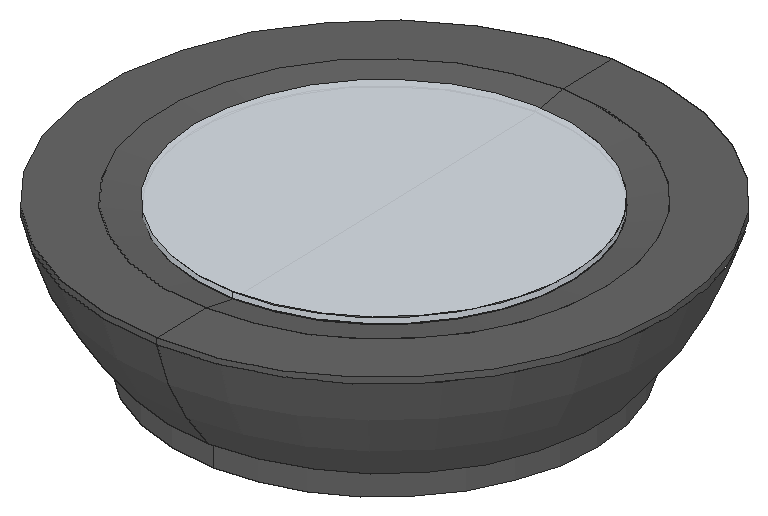
Revit family "SRT1-Surface", category Lighting Fixtures, host Face, Revit 2021
Family settings
  Host = Face
  Round Connector Dimension = Use Diameter
  Part Type = Normal
  OmniClass Number = 23.80.70.11.14.11
  OmniClass Title = Downlights
  Cut with Voids When Loaded = No
  Light Source = Yes
  Shared = No
  Room Calculation Point = No
Parameters (values of type "SRT1")
  Wattage Comments = "20-55W"
  Wattage = 55 W
  Warranty = "• 5 year warranty\r\n• See HLI Standard Warranty for\r\nadditional information"  # constant formula
  built-in parameter 1150110 = 1 (stored number, unit not read)
  Voltage = 120 V
  built-in parameter 1114217 = 1 (stored number, unit not read)
  Tilt Angle = -90.00°  # constant formula
  built-in parameter 1150109 = 1 (stored number, unit not read)
  built-in parameter 1150134 = 3
  built-in parameter 1150113 = 1 (stored number, unit not read)
  Photometric Web File = "SRT1-55-3K7-5C.ies"
  Features = "•\tCompact and low profile housing measuring 12inch x 3.1inch\r\n•\tVisual comfort edge-lit design\r\n•\t2,500-6,000 lumens\r\n•\tOption uplight module provides 800 lumens of indirect illumination\r\n•\tSurface and pendant mounting options\r\n•\tControl options including occupancy sensing with photocontrol\r\n•\tOptional bird shield and vandal deterring wire guard\r\n\r\n"  # constant formula
  Cord Height = 17.500"  # constant formula
  built-in parameter 1150105 = 433.3 (stored number, unit not read)
  Lumens = 5445 lm
  built-in parameter 1150115 = 1 (stored number, unit not read)
  built-in parameter 1150137 = (empty or 0)
  built-in parameter 1150139 = (empty or 0)
  built-in parameter 1150112 = 1 (stored number, unit not read)
  built-in parameter 1150114 = 1 (stored number, unit not read)
  built-in parameter 1150132 = (empty or 0)
  built-in parameter 1150102 = (empty or 0)
  built-in parameter 1150107 = 3200 (stored number, unit not read)
  built-in parameter 1150138 = (empty or 0)
  built-in parameter 1150106 = 4.333 (stored number, unit not read)
  Emit from Circle Diameter = 4.000"  # constant formula
  Emit Shape Visible in Rendering = no
  built-in parameter 1150104 = 9.1974 (stored number, unit not read)
  Dimming Lamp Color Temperature Shift = <None>
  Copyright = "©  Beacon Products"  # constant formula
  Contact us = ""
  Color Filter = 16777215
  Certifications = "• cCSAus certified to UL 1598\r\n• Wall Mount: Suitable for wet locations\r\n• Surface & Pendant Mount: Suitable for wet\r\nlocations under covered ceiling\r\n• Cord Mount and all Wall Wash: Suitable for\r\ndamp locations"  # constant formula
  built-in parameter 1114218 = 1 (stored number, unit not read)
  Ballast = Paint - Carbon Black
  URL = "https://www.currentlighting.com/beacon"
  Product Page URL = ""
  Product Documentation Link = ""
  Model = "SRT1"  # constant formula
  Manufacturer = "Beacon Products"  # constant formula
  Lamp = "LED Lamp"
  Reflector = Glass
  Description = "Small Edge-Lit luminaire, the ideal solution for parking garage and canopy applications. Provides exceptional visual comfort and photometric performance in sleek low profile housing. Available in a wide range of lumen outputs and photometric distributions paired with a specially designed lens for optimal visual comfort and performance."  # constant formula
  Default Elevation = 48.000"
  built-in parameter 1150133 = 10 (stored number, unit not read)
  Apparent Load = 25 VA  # constant formula
Reference planes (in)
  plane 1 "Center (Front/Back)": y = 0
  plane 2: z = 0
  plane 3 "Center (Left/Right)": x = 0
  plane 4: x = -1
  plane 5: y = 1
  plane 6: x = 1
  plane 7: y = -1
Dimensions and locks (in)
  plane 4 to plane 3 "Center (Left/Right)" to plane 6 = 1.000" locked, 1.000" locked
  plane 5 to plane 1 "Center (Front/Back)" to plane 7 = 1.000" locked, 1.000" locked
  aligned and locked: plane 2 to host face
  aligned and locked: plane 3 "Center (Left/Right)" to imposter light
  aligned and locked: imposter light to nested 1
Nested families (in)
  nested 1: "LTC" at (0, 0, 0) x (0, 1, 0) z (0, 0, 1), Ballast <- "Ballast", Reflector <- "Reflector", type "6"
    with Reflector Glass, Ballast Paint - Carbon Black
Connectors (in)
  electrical at (0, 0, 0), driven by "Description", driven by "Voltage", driven by "Apparent Load"
    settings: index 1, voltage 120 V, apparent load 25 VA, apparent load phase1 0 VA, apparent load phase2 0 VA, apparent load phase3 0 VA, power factor 1, load classification "Other", number of poles 1, system type 30, power factor state 1, is connector primary yes, connector utility no, sub classification motor no, connector description "Small Edge-Lit luminaire, the ideal solution for parking garage and canopy applications. Provides exceptional visual comfort and photometric performance in sleek low profile housing. Available in a wide range of lumen outputs and photometric distributions paired with a specially designed lens for optimal visual comfort and performance."
Definition of nested family "LTC"
  Parameters
    Width = 12.000"
    Wattage Comments = ""
    Lamp = ""
    Ballast [instance] = none
    URL = ""
    Product Page URL = ""
    Product Documentation Link = ""
    Model = ""
    Manufacturer Phone = ""
    Manufacturer Fax = ""
    Manufacturer = "Prescolite"
    Reflector [instance] = none
    Description = ""
    Default Elevation = 48.000"
  Reference planes (in)
    plane 1 "Center (Front/Back)": y = 0
    plane 2: z = 0
    plane 3 "Center (Left/Right)": x = 0
    plane 4: y = 7.75
    plane 5: y = -7.75
    plane 6: x = -6
    plane 7: x = 6
    plane 8: z = 3.1
    plane 9: z = 0.125
    plane 10: x = 5.875
    plane 11: z = 2.975
  Forms (in)
    Extrusion 1, solid
      sketch origin (0, 0, 0) x (1, 0, 0) y (0, 1, 0)
        loop
          line (-48, 48) -> (-48, -48) -> (48, -48) -> (48, 48) -> (-48, 48)
      from 0 to -6
    Extrusion 2, solid, material <- "Reflector"
      sketch origin (0, 0, 30.25) x (1, 0, 0) y (0, 1, 0)
        loop
          circle (0, 0) r 4
      from -27.15 to -27.275
    Revolve 3, solid, material <- "Ballast"
      sketch origin (0, 0, -1.25) x (1, 0, 0) y (0, 0, 1)
        loop
          line (0, 1.25) -> (4.5, 1.25) -> (4.5, 1.75) -> (4.61174, 1.75)
          arc (4.61174, 1.75) -> (5.45102, 2.90609) -> (6, 4.225) r 6.13184
          line (6, 4.225) -> (6, 4.35) -> (4.70891, 4.35) -> (4, 4.225) -> (0, 4.225) -> (0, 1.25)
        axis (0, 4.35) -> (0, 1.25)
      angle from 0 to 360
  Dimensions and locks (in)
    locked: plane 4 to plane 1 "Center (Front/Back)" at 7.75
    locked: plane 5 to plane 1 "Center (Front/Back)" at 7.75
    "Width": plane 7 to plane 6
    plane 8 to Extrusion 1 = 3.100"
    locked: plane 8 to plane 11 at 0.125
    locked: plane 7 to plane 10 at 0.125
    equal spacing: plane 7, plane 3 "Center (Left/Right)", plane 6
    locked: plane 9 to Extrusion 1 at 0.125
    aligned and locked: plane 2 to Extrusion 1
    aligned and locked: Extrusion 2 to plane 11
  Automatic sketch dimensions
    Extrusion 1 sketch curve to Extrusion 1 sketch curve = 96.000"  (x2)
    Revolve 3 sketch curve to plane 3 "Center (Left/Right)" = 0.000"  (x2)
    Revolve 3 sketch curve to level = 0.000"
    Revolve 3 sketch curve to plane 11 = 0.000"  (x2)
    Revolve 3 sketch curve to plane 8 = 0.000"
    Revolve 3 sketch curve to plane 7 = 0.000"
    plane 3 "Center (Left/Right)" to Revolve 3 sketch curve = 0.10303"
    Revolve 3 sketch curve to plane 10 = 1.375"
    Revolve 3 sketch curve to Revolve 3 sketch curve = 0.11174"
    Revolve 3 sketch curve to Revolve 3 sketch curve = 0.500"
    Revolve 3 sketch curve to plane 10 = 1.875"
    Revolve 3 sketch curve to Revolve 3 sketch curve = 0.70891"
    Revolve 3 sketch curve to level = 10.000"
    Revolve 3 sketch curve to Revolve 3 sketch curve = 8.000"
    plane 1 "Center (Front/Back)" to Extrusion 2 sketch curve = 0.000"
    Extrusion 2 sketch curve to plane 3 "Center (Left/Right)" = 0.000"
    radius of Extrusion 2 sketch curve = 4.000"
